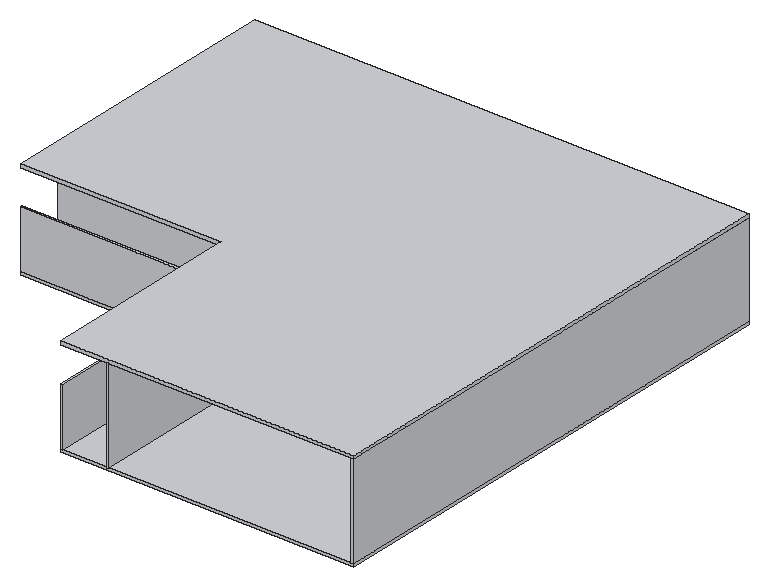
Revit family "Bürstenleisten-Kanalsystem OKB_Außeneck_ohne_Nivelliereinheiten", category Generic Models, Revit 2015
Parameters (values of type "OKB AE 25085 ON")
  URL = "http://www.obo-bettermann.com"
  Material = Steel, Galvanized
  Manufacturer Art. No. = "7403831"
  Manufacturer = "OBO Bettermann"
  GTIN = "4012195845980\r\n4012195845980\r\n4012195845973"
  Article Type = "OKB AE 25085 ON"
Reference planes
  plane 1 "Center (Front/Back)": y = 0
  plane 2: z = 0
  plane 3 "Center (Left/Right)": x = 0
  plane 4: x = -421
  plane 5: y = -250
  plane 6: x = -250
  plane 7: y = -421
  plane 8: z = 2
  plane 9: y = -2
  plane 10: y = -248
  plane 11: x = -248
  plane 12: x = -2
  plane 13: y = -210
  plane 14: y = -209
  plane 15: x = -209
  plane 16: x = -210
  plane 17: z = 52
  plane 18: z = 85
  plane 19: z = 82
Forms (mm)
  Extrusion 1, solid
    sketch origin (0, 0, 0) x (1, 0, 0) y (0, 1, 0)
      loop
        line (-421, 0) -> (-421, -250) -> (-250, -250) -> (-250, -421) -> (0, -421) -> (0, 0) -> (-421, 0)
    from 0 to 2
  Extrusion 2, solid
    sketch origin (0, 0, 0) x (1, 0, 0) y (0, 1, 0)
      loop
        line (0, 0) -> (-421, 0) -> (-421, -250) -> (-250, -250) -> (-250, -421) -> (0, -421) -> (0, 0)
    from 82 to 85
  Extrusion 3, solid
    sketch origin (0, 0, 0) x (1, 0, 0) y (0, 1, 0)
      loop
        line (-209, -209) -> (-421, -209) -> (-421, -210) -> (-210, -210) -> (-210, -421) -> (-209, -421) -> (-209, -209)
      loop
        line (0, -421) -> (0, 0) -> (-421, 0) -> (-421, -2) -> (-2, -2) -> (-2, -421) -> (0, -421)
    from 2 to 82
  Extrusion 4, solid
    sketch origin (0, 0, 0) x (1, 0, 0) y (0, 1, 0)
      loop
        line (-248, -421) -> (-248, -248) -> (-421, -248) -> (-421, -250) -> (-250, -250) -> (-250, -421) -> (-248, -421)
    from 2 to 52
Lines and regions (mm)
  model lines
    curve 1: line (0, -421, 0) -> (-250, -421, 0)
    curve 2: line (-250, -421, 0) -> (-250, -250, 0)
    curve 3: line (-250, -250, 0) -> (-421, -250, 0)
    curve 4: line (-421, -250, 0) -> (-421, 0, 0)
    curve 5: line (-421, 0, 0) -> (0, 0, 0)
    curve 6: line (0, 0, 0) -> (0, -421, 0)
    curve 7: line (-250, -421, 0) -> (-248, -421, 0)
    curve 8: line (-248, -421, 0) -> (-248, -248, 0)
    curve 9: line (-248, -248, 0) -> (-421, -248, 0)
    curve 10: line (-421, -209, 0) -> (-421, -161, 0)
    curve 11: line (-421, -209, 0) -> (-209, -209, 0)
    curve 12: line (-421, -210, 0) -> (-210, -210, 0)
    curve 13: line (-210, -421, 0) -> (-210, -210, 0)
    curve 14: line (-209, -209, 0) -> (-209, -421, 0)
    curve 15: line (-2, -421, 0) -> (-2, -2, 0)
    curve 16: line (-2, -2, 0) -> (-421, -2, 0)
Dimensions and locks
  locked: plane 4 to plane 3 "Center (Left/Right)" at 421
  locked: plane 7 to plane 1 "Center (Front/Back)" at 421
  locked: level to plane 8 at 2
  locked: plane 14 to plane 13 at 1
  locked: Extrusion 1 to plane 9 at 2
  locked: plane 12 to Extrusion 1 at 2
  locked: plane 10 to Extrusion 1 at 2
  locked: Extrusion 1 to plane 11 at 2
  locked: plane 16 to plane 15 at 1
  locked: plane 17 to level at 52
  locked: plane 18 to level at 85
  plane 3 "Center (Left/Right)" to Extrusion 2 = 421 mm
  locked: plane 19 to plane 18 at 3
  locked: plane 6 to plane 15 at 41
  locked: plane 14 to plane 5 at 41
  aligned and locked: level to plane 2
  aligned and locked: plane 7 to curve 1
  aligned and locked: plane 6 to curve 2
  aligned and locked: plane 5 to curve 3
  aligned and locked: plane 4 to curve 4
  aligned and locked: plane 1 "Center (Front/Back)" to curve 5
  aligned and locked: curve 6 to plane 3 "Center (Left/Right)"
  aligned and locked: Extrusion 1 sketch curve to curve 5
  aligned and locked: Extrusion 1 sketch curve to curve 6
  aligned and locked: Extrusion 1 sketch curve to curve 1
  aligned and locked: Extrusion 1 sketch curve to curve 2
  aligned and locked: Extrusion 1 sketch curve to curve 3
  aligned and locked: Extrusion 1 sketch curve to curve 4
  aligned and locked: plane 8 to Extrusion 1
  aligned and locked: curve 7 to plane 7
  aligned and locked: plane 11 to curve 8
  aligned and locked: plane 10 to curve 9
  aligned and locked: curve 11 to plane 14
  aligned and locked: curve 12 to plane 13
  aligned and locked: plane 16 to curve 13
  aligned and locked: curve 14 to plane 15
  aligned and locked: plane 12 to curve 15
  aligned and locked: plane 9 to curve 16
  aligned and locked: Extrusion 2 sketch curve to Extrusion 1  (x2)
  aligned and locked: Extrusion 2 to plane 19
  aligned and locked: Extrusion 3 sketch curve to curve 14
  aligned and locked: Extrusion 3 sketch curve to curve 13
  aligned and locked: Extrusion 3 sketch curve to curve 12
  aligned and locked: Extrusion 3 sketch curve to curve 11
  aligned and locked: Extrusion 3 sketch curve to curve 10
  aligned and locked: Extrusion 3 sketch curve to plane 7  (x2)
  aligned and locked: Extrusion 3 sketch curve to Extrusion 2  (x2)
  aligned and locked: Extrusion 3 sketch curve to curve 15
  aligned and locked: Extrusion 3 sketch curve to curve 16
  aligned and locked: Extrusion 3 sketch curve to curve 4
  aligned and locked: Extrusion 3 to Extrusion 2
  aligned and locked: Extrusion 4 sketch curve to curve 8
  aligned and locked: Extrusion 4 sketch curve to Extrusion 2  (x2)
  aligned and locked: Extrusion 4 sketch curve to curve 9
  aligned and locked: Extrusion 4 sketch curve to curve 7
  aligned and locked: Extrusion 4 sketch curve to plane 4
  aligned and locked: plane 17 to Extrusion 4
  aligned and locked: Extrusion 3 to Extrusion 1
  aligned and locked: Extrusion 4 to Extrusion 1
